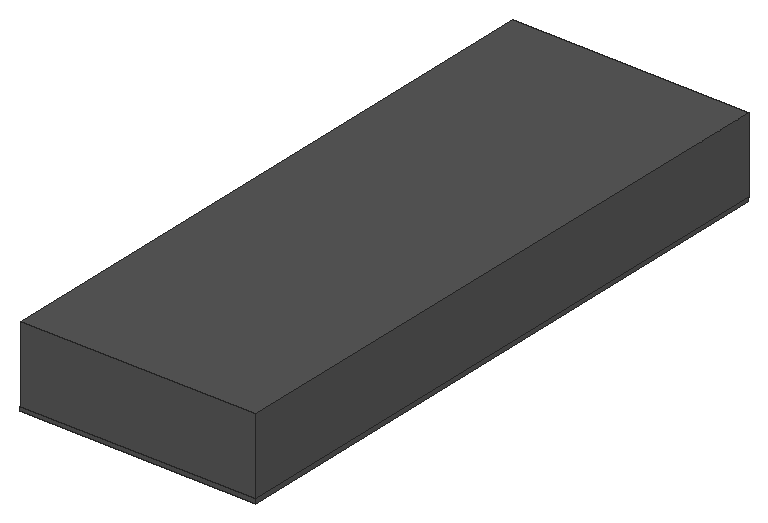
Revit family "ERA_LF_PR_SPP-503", category Осветительные приборы, Revit 2019 (continued)
Definition of nested family "LF_ИС_Пр_SPP-503"
  Types (5, lengths in mm): name | Корпус_Центр | Photometric Web File | built-in parameter 1150105 | Lumens | built-in parameter 1150106 | built-in parameter 1150142 | Wattage
    SPP-503-0-50K-030 | 0.00 | "SPP-503-0-50K-030.ies" | 543.85 (stored number, unit not read) | 3000 lm | 5.4385 (stored number, unit not read) | "IESNA:LM-63-1995\r\n[DATA] 28.01.2020\r\n[MANUFAC]??РА\r\n[LUMCAT]\r\n[LUMINAIRE]  SPP-503-0-50K-030\r\n[LAMP] Светодиодный модуль\r\nTILT=NONE\r\n1 3307 3.305 91 37 1 2 0.34 0.129 0.05\r\n1 1 31.02\r\n0 1 2 3 4 5 6 7 8 9 10 11 12 13 14 15 16 17 18 19 20 21 22 23 24 25 26 27 28 29 30 31 32 33 34 35 36 37 38 39 40 41 42 43 44 45 46 47 48 49 50 51 52 53 54 55 56 57 58 59 60 61 62 63 64 65 66 67 68 69 70 71 72 73 74 75 76 77 78 79 80 81 82 83 84 85 86 87 88 89 90 \r\n0 10 20 30 40 50 60 70 80 90 100 110 120 130 140 150 160 170 180 190 200 210 220 230 240 250 260 270 280 290 300 310 320 330 340 350 360 \r\n321.5 321.8 322.5 323.4 324.6 326.2 328 330.2 332.6 335.4 338.5 341.9 345.5 349.5 353.7 358.1 362.9 367.9 373.2 378.7 384.6 390.8 397.3 404.1 411 418.1 425.4 432.8 440.3 448 455.8 463.7 471.8 480.1 488.6 497.3 506 514.7 523.3 531.7 540 548 555.7 563 569.9 576.2 581.9 586.9 591.3 595 597.7 599.2 599.5 598.4 595.5 590.5 582.6 571.3 555.9 535.6 509.2 475.9 435.1 386.6 331.3 271.7 211 155.2 110.6 79.3 58.9 46.8 39.6 34.2 28.9 23.9 19.3 15.3 12 9.3 7.5 6.4 5.8 5 4.1 3.1 2.4 1.9 1.5 1.2 1\r\n321.5 321.8 322.4 323.2 324.4 325.8 327.5 329.5 331.9 334.5 337.6 341.1 344.9 349 353.2 357.6 362.4 367.5 372.9 378.5 384.5 390.8 397.5 404.4 411.4 418.7 426.3 433.9 441.7 449.4 457.1 464.8 472.6 480.4 488.2 496.1 504 511.7 519.1 526.1 532.6 538.5 543.7 548 551.3 553.6 554.8 554.7 553.2 550.2 545.3 538.4 529.3 518 504.4 488.5 470.1 449.3 425.9 399.7 370.3 337.5 301.6 263.2 223.1 182.4 142.6 106.3 76.3 53.7 38.3 29.1 24.1 20.6 17.6 14.9 12.8 11 9.6 8.4 7.4 6.6 5.9 5.2 4.4 3.6 2.8 2.1 1.5 1 0.6\r\n321.5 321.4 321.6 322 322.9 324.3 326.3 329 332.1 335.5 339 342.5 346.1 350.1 354.5 359.2 364 369.1 374.4 380 385.8 391.7 397.8 403.9 410.2 416.7 423.1 429.6 436 442.2 448.1 453.6 458.7 463.6 468.1 472.1 475.3 477.6 479.3 480.1 480.1 478.8 476.3 472.7 467.7 461.1 452.9 443.1 431.9 419.2 404.6 387.9 369.4 349.1 327.6 304.9 281.6 257.8 233.9 210 186.5 163.6 141.6 120.8 101.6 84.2 68.9 55.6 43.9 34 26.2 20.7 17 14.5 12.8 11.5 10.4 9.4 8.7 8.1 7.6 7.2 6.7 6.2 5.6 4.8 3.8 2.8 1.9 1.2 0.6\r\n321.5 321.5 322 322.9 324.2 325.8 327.7 330 332.7 335.6 338.6 341.4 345.2 351 358.4 365.5 371.1 375.5 380.1 385.2 390.4 395.4 400.3 405 409.7 414.1 418.2 422 425.3 428.3 430.6 432.1 432.8 432.8 431.8 429.8 426.8 422.7 417.5 411.2 403.6 394.8 384.6 373.1 360.3 346.1 330.5 313.7 295.8 277 257.2 236.8 216.1 195.5 175.6 156.5 138.4 121.5 105.8 91.6 78.9 67.8 58.4 50.4 43.7 38.1 33.3 29.3 25.8 22.7 19.9 17.4 15.2 13.6 12.4 11.6 10.9 10.3 9.7 9 8.2 7.2 6.2 5.3 4.4 3.5 2.6 1.8 1.2 0.7 0.6\r\n321.5 321.8 323.4 326.2 329.9 333.7 337 340.2 343.5 347.2 351 355 359.1 363.5 368.1 372.7 377.2 381.6 385.7 389.6 393.1 396.2 398.9 401 402.6 403.6 403.9 403.4 402.1 400 397 393.1 388.3 382.5 375.7 368.1 359.5 350 339.5 328.1 316 303.1 289.5 275.3 260.4 244.9 228.9 212.6 195.9 178.9 161.9 145.1 129 114 100.3 88.1 77.4 68 60 53.1 47.3 42.5 38.4 34.8 31.6 28.8 26.3 24.1 22.2 20.5 18.9 17.4 16 14.8 13.6 12.5 11.6 10.8 10.1 9.4 8.6 7.8 6.9 5.8 4.6 3.4 2.3 1.3 0.6 0.3 0.3\r\n321.5 323 324.9 327.1 330 334.3 340.3 346.8 352 355.8 359.1 362.9 367 370.9 374.6 378 381.2 383.9 386.1 387.7 388.7 389.4 389.5 388.9 387.7 385.9 383.6 380.5 376.5 371.4 365.2 358 349.9 341 331.4 321.2 310.4 299 286.9 274.4 261.3 247.7 233.6 218.9 203.8 188.4 172.8 157.2 141.8 127 112.8 99.6 87.7 77.3 68.4 60.8 54.3 48.8 44 39.9 36.3 33.1 30.4 28 26.1 24.4 23 21.8 20.7 19.7 18.8 18 17.3 16.6 15.8 15 14 12.8 11.6 10.4 9.1 7.8 6.6 5.2 3.9 2.6 1.7 1 0.6 0.3 0.2\r\n321.5 322.3 324.7 328.4 333.1 337.8 341.7 345.5 350.1 355.5 360.7 364.8 368.3 371.6 374.9 377.6 379.7 381 381.8 382.1 382 381.3 379.8 377.2 373.5 368.9 363.5 357.4 350.6 343.1 335 326.2 316.8 306.8 296.2 285.1 273.7 261.9 249.5 236.7 223.5 209.8 195.8 181.5 167 152.6 138.4 124.7 111.6 99.4 88.2 78 69 61.3 54.7 49.2 44.4 40.3 36.6 33.3 30.3 27.6 25.3 23.5 22.2 21 19.9 18.9 18.1 17.5 17 16.4 15.9 15.3 14.7 13.9 13.1 12.2 11.1 9.9 8.6 7.4 6.1 4.8 3.5 2.4 1.5 0.8 0.3 0 0\r\n321.5 323.6 326.6 330.7 335.4 340.2 344.4 348.2 352.1 356.1 360.2 364.3 368.3 371.7 374.4 376.3 377.3 377.4 377 375.9 374.2 371.6 368.1 363.8 358.6 352.6 345.9 338.5 330.6 322.1 313 303.5 293.5 283.2 272.6 261.6 250.2 238.4 226.2 213.5 200.5 187.1 173.4 159.4 145.4 131.7 118.3 105.7 94 83.4 74 65.8 58.5 52.1 46.5 41.6 37.4 33.8 30.5 27.5 24.9 22.7 20.9 19.4 18.1 17 16.1 15.3 14.6 14 13.7 13.8 14 14 13.7 12.8 11.3 9.4 7.7 6.4 5.3 4.4 3.5 2.8 2.2 1.7 1.1 0.5 0.2 0 0\r\n321.5 324.8 328.3 332.2 336.4 340.5 344.7 348.8 353 357.2 361.4 365.3 368.8 371.5 373.2 374.1 374.2 373.5 372 369.7 366.7 362.9 358.4 352.9 346.7 339.7 332.1 324 315.4 306.3 296.8 287 276.9 266.6 256 245 233.4 221.3 208.8 195.9 182.6 168.9 155.1 141.4 128 115.1 102.9 91.5 81.2 72 63.8 56.8 50.6 45.2 40.5 36.3 32.5 29.2 26.4 23.9 21.9 20.3 19.1 18.1 17.3 16.6 16 15.5 14.9 14.3 13.5 12.7 11.7 10.6 9.4 8.4 7.7 7.1 6.6 5.9 5.3 4.7 4.1 3.5 2.8 2 1.3 0.6 0.2 0 0\r\n321.5 324.2 327.2 330.5 334.5 339.8 346.7 354 360.1 364.5 368.2 371.7 374.9 377.2 378.3 378.6 378.2 377 375.1 372.2 368.5 363.9 358.5 352.3 345.4 338 330.1 321.7 312.7 303.3 293.6 283.7 273.7 263.2 252.4 241.1 229.4 217.2 204.5 191.3 177.7 164 150.1 136.5 123.2 110.4 98.2 87 76.9 68 60.3 53.5 47.7 42.5 38 33.9 30.3 27.2 24.7 22.7 21.1 19.8 18.7 17.8 17.1 16.5 15.8 15.1 14.4 13.6 12.7 11.6 10.4 9.5 8.9 8.5 8 7.7 7.3 6.9 6.4 5.7 4.8 3.9 2.9 1.9 1 0.4 0 0 0\r\n321.5 318.7 317.2 317 318 319.6 321.7 324.2 327.1 330.2 333.5 336.8 340 343.1 346.2 349 351.4 353.1 353.9 353.7 352.6 350.7 348 344.3 339.6 334.1 327.8 320.9 313.2 304.8 295.8 286.1 276.1 265.6 254.8 243.6 231.9 219.9 207.4 194.5 181.2 167.7 154.1 140.5 127 114.2 102.3 91.5 81.9 73.5 66.2 59.8 54.3 49.2 44.5 40.2 36.1 32.3 28.9 26 23.3 21.1 19.2 18 17.2 16.7 16.2 15.7 15.1 14.3 13.3 12.1 10.8 9.6 8.5 7.7 6.8 6.1 5.3 4.5 3.8 3 2.4 1.8 1.3 0.9 0.6 0.4 0.3 0.2 0.3\r\n321.5 320.2 319.7 320.1 321.2 322.9 325 327.7 330.6 333.8 337.2 340.7 344.2 347.7 351.1 354.3 357.2 359.5 361.1 361.9 361.9 361.1 359.5 357 353.4 348.9 343.5 337.2 330 322 313.2 303.9 294 283.6 272.7 261.4 249.6 237.4 224.8 211.8 198.3 184.5 170.6 156.5 142.6 129.2 116.5 104.8 94 84.4 76 68.7 62.4 56.7 51.6 46.7 42.2 38.1 34.4 31.1 28.2 25.6 23.3 21.5 20.2 19.3 18.7 18.1 17.5 16.8 16.1 15.4 14.8 14.1 13.3 12.3 11.2 10.1 9 7.9 6.9 5.8 4.7 3.6 2.7 1.9 1.2 0.7 0.4 0.2 0.3\r\n321.5 320.6 320.4 320.9 322.1 323.9 326.2 329 332.1 335.4 339 342.6 346.3 350.2 354.1 357.8 361.4 364.5 367.2 369.2 370.7 371.5 371.5 370.6 368.8 365.9 362.2 357.4 351.7 345 337.4 329 319.9 310 299.4 288.2 276.4 264 251.2 238.1 224.4 210.3 195.9 181.1 166.3 151.7 137.4 123.8 111 99.3 88.8 79.7 71.9 65.2 59.5 54.5 50.1 46 42.2 38.6 35.4 32.5 30 27.9 26.1 24.6 23.7 23 22.5 22 21.6 21.1 20.6 19.9 19.2 18.2 17.1 15.7 14.1 12.3 10.4 8.6 6.8 5.1 3.6 2.2 1.3 0.6 0.3 0.1 0.3\r\n321.5 320.9 320.8 321.3 322.3 323.8 325.9 328.5 331.5 334.8 338.4 342.2 346.2 350.4 354.8 359.2 363.5 367.8 372 375.8 379.4 382.4 384.8 386.5 387.3 387.4 386.7 385.1 382.3 378.4 373.3 367.3 360.1 351.8 342.3 331.9 320.6 308.5 295.6 281.9 267.6 252.8 237.5 221.8 205.8 189.5 173.1 156.8 141 126 112 99.4 88.1 78.3 69.9 62.6 56.2 50.6 45.6 41.2 37.2 33.6 30.3 27.5 25.1 23.1 21.4 19.9 18.7 17.7 16.8 16 15.2 14.4 13.6 12.7 11.7 10.7 9.7 8.6 7.4 6 4.7 3.6 2.6 1.9 1.2 0.7 0.4 0.2 0.3\r\n321.5 321.1 321.2 321.9 323.1 324.7 326.6 329 331.8 335 338.7 342.7 347 351.6 356.4 361.2 366.2 371.4 376.6 381.9 387.2 392.1 396.8 401 404.8 408 410.4 412.1 412.9 412.8 411.7 409.6 406.4 402 396.4 389.5 381.4 372.1 361.8 350.4 337.7 323.8 308.7 292.7 275.8 258.3 240.1 221.6 202.8 184.1 165.6 147.6 130.5 114.5 100.1 87.2 75.9 66.3 58.2 51.5 45.9 40.9 36.6 32.9 29.6 26.7 24.3 22.1 20.1 18.4 16.8 15.3 14.1 13 12.2 11.6 11 10.3 9.5 8.6 7.4 6.1 4.7 3.3 2.1 1.3 0.8 0.6 0.5 0.4 0.3\r\n321.5 321.8 322.5 323.7 325.2 327 329.1 331.6 334.4 337.7 341.3 345.3 349.6 354.2 359 364.1 369.4 374.9 380.6 386.5 392.5 398.6 404.7 410.9 416.9 422.8 428.4 433.6 438.4 442.6 446.1 449 451 452.2 452.3 451.4 449.3 446 441.5 435.7 428.5 419.8 409.7 398.1 385.1 370.7 354.6 337.1 318.2 298.1 276.8 254.5 231.7 208.7 186 163.9 142.7 122.9 104.8 88.6 74.6 62.6 52.5 44.1 37.2 31.4 26.6 22.6 19.2 16.5 14.5 13.1 12.2 11.5 10.8 10.2 9.6 9 8.3 7.3 6.2 5.2 4.2 3.1 2 1.2 0.7 0.6 0.5 0.5 0.3\r\n321.5 322.1 323.1 324.3 325.9 327.8 329.9 332.3 335.2 338.5 342.1 346 350.1 354.5 359.1 364 369.3 374.8 380.6 386.7 393.1 399.8 406.8 413.8 421 428.2 435.5 442.7 449.8 456.9 463.9 470.9 477.7 484.2 490.1 495.5 500.3 504.3 507.6 509.9 511.1 511 509.6 507.1 503.5 498.3 491.3 482.6 472.4 460.6 447.1 431.7 414.3 394.9 373.5 349.9 324.4 297 268 237.7 207 176.6 146.9 118.1 91.2 67.7 49.1 35.5 26.7 21.9 19 16.6 14.5 12.9 11.6 10.7 9.9 9.2 8.6 8 7.4 6.7 5.9 4.7 3.5 2.3 1.6 1.1 0.8 0.6 0.6\r\n321.5 322.1 323 324.2 325.7 327.4 329.3 331.6 334.1 336.9 340.1 343.6 347.4 351.5 355.8 360.3 364.9 369.8 375 380.5 386.4 392.4 398.6 405.2 412 419.1 426.4 433.7 441.2 448.8 456.5 464.4 472.4 480.6 488.9 497.2 505.3 513.3 521.1 528.7 536 543 549.5 555.4 560.6 565.2 569 571.9 573.9 574.7 574.1 571.9 568.1 562.5 554.8 544.5 531.1 514 492.7 466.5 435 397.7 354.4 304.7 250.4 195.2 143.2 99.2 68.2 50.1 39.9 33 27.9 23.8 20.4 17.6 15.5 13.9 12.6 11.4 10.3 9.2 8.1 6.9 5.7 4.5 3.4 2.4 1.7 1.3 1.1\r\n321.5 321.8 322.5 323.4 324.6 326.2 328 330.2 332.6 335.4 338.5 341.9 345.5 349.5 353.7 358.1 362.9 367.9 373.2 378.7 384.6 390.8 397.3 404.1 411 418.1 425.4 432.8 440.3 448 455.8 463.7 471.8 480.1 488.6 497.3 506 514.7 523.3 531.7 540 548 555.7 563 569.9 576.2 581.9 586.9 591.3 595 597.7 599.2 599.5 598.4 595.5 590.5 582.6 571.3 555.9 535.6 509.2 475.9 435.1 386.6 331.3 271.7 211 155.2 110.6 79.3 58.9 46.8 39.6 34.2 28.9 23.9 19.3 15.3 12 9.3 7.5 6.4 5.8 5 4.1 3.1 2.4 1.9 1.5 1.2 1\r\n321.5 322.1 323 324.2 325.7 327.4 329.3 331.6 334.1 336.9 340.1 343.6 347.4 351.5 355.8 360.3 364.9 369.8 375 380.5 386.4 392.4 398.6 405.2 412 419.1 426.4 433.7 441.2 448.8 456.5 464.4 472.4 480.6 488.9 497.2 505.3 513.3 521.1 528.7 536 543 549.5 555.4 560.6 565.2 569 571.9 573.9 574.7 574.1 571.9 568.1 562.5 554.8 544.5 531.1 514 492.7 466.5 435 397.7 354.4 304.7 250.4 195.2 143.2 99.2 68.2 50.1 39.9 33 27.9 23.8 20.4 17.6 15.5 13.9 12.6 11.4 10.3 9.2 8.1 6.9 5.7 4.5 3.4 2.4 1.7 1.3 1.1\r\n321.5 322.1 323.1 324.3 325.9 327.8 329.9 332.3 335.2 338.5 342.1 346 350.1 354.5 359.1 364 369.3 374.8 380.6 386.7 393.1 399.8 406.8 413.8 421 428.2 435.5 442.7 449.8 456.9 463.9 470.9 477.7 484.2 490.1 495.5 500.3 504.3 507.6 509.9 511.1 511 509.6 507.1 503.5 498.3 491.3 482.6 472.4 460.6 447.1 431.7 414.3 394.9 373.5 349.9 324.4 297 268 237.7 207 176.6 146.9 118.1 91.2 67.7 49.1 35.5 26.7 21.9 19 16.6 14.5 12.9 11.6 10.7 9.9 9.2 8.6 8 7.4 6.7 5.9 4.7 3.5 2.3 1.6 1.1 0.8 0.6 0.6\r\n321.5 321.8 322.5 323.7 325.2 327 329.1 331.6 334.4 337.7 341.3 345.3 349.6 354.2 359 364.1 369.4 374.9 380.6 386.5 392.5 398.6 404.7 410.9 416.9 422.8 428.4 433.6 438.4 442.6 446.1 449 451 452.2 452.3 451.4 449.3 446 441.5 435.7 428.5 419.8 409.7 398.1 385.1 370.7 354.6 337.1 318.2 298.1 276.8 254.5 231.7 208.7 186 163.9 142.7 122.9 104.8 88.6 74.6 62.6 52.5 44.1 37.2 31.4 26.6 22.6 19.2 16.5 14.5 13.1 12.2 11.5 10.8 10.2 9.6 9 8.3 7.3 6.2 5.2 4.2 3.1 2 1.2 0.7 0.6 0.5 0.5 0.3\r\n321.5 321.1 321.2 321.9 323.1 324.7 326.6 329 331.8 335 338.7 342.7 347 351.6 356.4 361.2 366.2 371.4 376.6 381.9 387.2 392.1 396.8 401 404.8 408 410.4 412.1 412.9 412.8 411.7 409.6 406.4 402 396.4 389.5 381.4 372.1 361.8 350.4 337.7 323.8 308.7 292.7 275.8 258.3 240.1 221.6 202.8 184.1 165.6 147.6 130.5 114.5 100.1 87.2 75.9 66.3 58.2 51.5 45.9 40.9 36.6 32.9 29.6 26.7 24.3 22.1 20.1 18.4 16.8 15.3 14.1 13 12.2 11.6 11 10.3 9.5 8.6 7.4 6.1 4.7 3.3 2.1 1.3 0.8 0.6 0.5 0.4 0.3\r\n321.5 320.9 320.8 321.3 322.3 323.8 325.9 328.5 331.5 334.8 338.4 342.2 346.2 350.4 354.8 359.2 363.5 367.8 372 375.8 379.4 382.4 384.8 386.5 387.3 387.4 386.7 385.1 382.3 378.4 373.3 367.3 360.1 351.8 342.3 331.9 320.6 308.5 295.6 281.9 267.6 252.8 237.5 221.8 205.8 189.5 173.1 156.8 141 126 112 99.4 88.1 78.3 69.9 62.6 56.2 50.6 45.6 41.2 37.2 33.6 30.3 27.5 25.1 23.1 21.4 19.9 18.7 17.7 16.8 16 15.2 14.4 13.6 12.7 11.7 10.7 9.7 8.6 7.4 6 4.7 3.6 2.6 1.9 1.2 0.7 0.4 0.2 0.3\r\n321.5 320.6 320.4 320.9 322.1 323.9 326.2 329 332.1 335.4 339 342.6 346.3 350.2 354.1 357.8 361.4 364.5 367.2 369.2 370.7 371.5 371.5 370.6 368.8 365.9 362.2 357.4 351.7 345 337.4 329 319.9 310 299.4 288.2 276.4 264 251.2 238.1 224.4 210.3 195.9 181.1 166.3 151.7 137.4 123.8 111 99.3 88.8 79.7 71.9 65.2 59.5 54.5 50.1 46 42.2 38.6 35.4 32.5 30 27.9 26.1 24.6 23.7 23 22.5 22 21.6 21.1 20.6 19.9 19.2 18.2 17.1 15.7 14.1 12.3 10.4 8.6 6.8 5.1 3.6 2.2 1.3 0.6 0.3 0.1 0.3\r\n321.5 320.2 319.7 320.1 321.2 322.9 325 327.7 330.6 333.8 337.2 340.7 344.2 347.7 351.1 354.3 357.2 359.5 361.1 361.9 361.9 361.1 359.5 357 353.4 348.9 343.5 337.2 330 322 313.2 303.9 294 283.6 272.7 261.4 249.6 237.4 224.8 211.8 198.3 184.5 170.6 156.5 142.6 129.2 116.5 104.8 94 84.4 76 68.7 62.4 56.7 51.6 46.7 42.2 38.1 34.4 31.1 28.2 25.6 23.3 21.5 20.2 19.3 18.7 18.1 17.5 16.8 16.1 15.4 14.8 14.1 13.3 12.3 11.2 10.1 9 7.9 6.9 5.8 4.7 3.6 2.7 1.9 1.2 0.7 0.4 0.2 0.3\r\n321.5 318.7 317.2 317 318 319.6 321.7 324.2 327.1 330.2 333.5 336.8 340 343.1 346.2 349 351.4 353.1 353.9 353.7 352.6 350.7 348 344.3 339.6 334.1 327.8 320.9 313.2 304.8 295.8 286.1 276.1 265.6 254.8 243.6 231.9 219.9 207.4 194.5 181.2 167.7 154.1 140.5 127 114.2 102.3 91.5 81.9 73.5 66.2 59.8 54.3 49.2 44.5 40.2 36.1 32.3 28.9 26 23.3 21.1 19.2 18 17.2 16.7 16.2 15.7 15.1 14.3 13.3 12.1 10.8 9.6 8.5 7.7 6.8 6.1 5.3 4.5 3.8 3 2.4 1.8 1.3 0.9 0.6 0.4 0.3 0.2 0.3\r\n321.5 320.2 319.8 320.1 321.2 323 325.3 327.9 330.8 333.9 337 340 342.9 346 349 351.5 353.2 354.1 354.2 353.4 351.7 349.1 345.6 341.3 336.1 330.1 323.5 316.2 308.1 299.5 290.3 280.6 270.6 260.3 249.5 238.3 226.7 214.6 202.2 189.4 176.2 162.7 149.1 135.5 122.3 109.7 98.1 87.5 78.2 70.1 63.1 56.9 51.4 46.4 41.8 37.5 33.7 30.2 27 24.2 21.9 20 18.6 17.6 16.9 16.4 15.9 15.1 14.1 12.7 11.3 10.2 9.3 8.6 8.2 7.7 7.2 6.6 5.8 4.9 4 3.2 2.4 1.8 1.3 0.9 0.6 0.4 0.2 0.2 0.3\r\n321.5 324.8 328.3 332.2 336.4 340.5 344.7 348.8 353 357.2 361.4 365.3 368.8 371.5 373.2 374.1 374.2 373.5 372 369.7 366.7 362.9 358.4 352.9 346.7 339.7 332.1 324 315.4 306.3 296.8 287 276.9 266.6 256 245 233.4 221.3 208.8 195.9 182.6 168.9 155.1 141.4 128 115.1 102.9 91.5 81.2 72 63.8 56.8 50.6 45.2 40.5 36.3 32.5 29.2 26.4 23.9 21.9 20.3 19.1 18.1 17.3 16.6 16 15.5 14.9 14.3 13.5 12.7 11.7 10.6 9.4 8.4 7.7 7.1 6.6 5.9 5.3 4.7 4.1 3.5 2.8 2 1.3 0.6 0.2 0 0\r\n321.5 323.6 326.6 330.7 335.4 340.2 344.4 348.2 352.1 356.1 360.2 364.3 368.3 371.7 374.4 376.3 377.3 377.4 377 375.9 374.2 371.6 368.1 363.8 358.6 352.6 345.9 338.5 330.6 322.1 313 303.5 293.5 283.2 272.6 261.6 250.2 238.4 226.2 213.5 200.5 187.1 173.4 159.4 145.4 131.7 118.3 105.7 94 83.4 74 65.8 58.5 52.1 46.5 41.6 37.4 33.8 30.5 27.5 24.9 22.7 20.9 19.4 18.1 17 16.1 15.3 14.6 14 13.7 13.8 14 14 13.7 12.8 11.3 9.4 7.7 6.4 5.3 4.4 3.5 2.8 2.2 1.7 1.1 0.5 0.2 0 0\r\n321.5 322.3 324.7 328.4 333.1 337.8 341.7 345.5 350.1 355.5 360.7 364.8 368.3 371.6 374.9 377.6 379.7 381 381.8 382.1 382 381.3 379.8 377.2 373.5 368.9 363.5 357.4 350.6 343.1 335 326.2 316.8 306.8 296.2 285.1 273.7 261.9 249.5 236.7 223.5 209.8 195.8 181.5 167 152.6 138.4 124.7 111.6 99.4 88.2 78 69 61.3 54.7 49.2 44.4 40.3 36.6 33.3 30.3 27.6 25.3 23.5 22.2 21 19.9 18.9 18.1 17.5 17 16.4 15.9 15.3 14.7 13.9 13.1 12.2 11.1 9.9 8.6 7.4 6.1 4.8 3.5 2.4 1.5 0.8 0.3 0 0\r\n321.5 323 324.9 327.1 330 334.3 340.3 346.8 352 355.8 359.1 362.9 367 370.9 374.6 378 381.2 383.9 386.1 387.7 388.7 389.4 389.5 388.9 387.7 385.9 383.6 380.5 376.5 371.4 365.2 358 349.9 341 331.4 321.2 310.4 299 286.9 274.4 261.3 247.7 233.6 218.9 203.8 188.4 172.8 157.2 141.8 127 112.8 99.6 87.7 
      77.3 68.4 60.8 54.3 48.8 44 39.9 36.3 33.1 30.4 28 26.1 24.4 23 21.8 20.7 19.7 18.8 18 17.3 16.6 15.8 15 14 12.8 11.6 10.4 9.1 7.8 6.6 5.2 3.9 2.6 1.7 1 0.6 0.3 0.2\r\n321.5 321.8 323.4 326.2 329.9 333.7 337 340.2 343.5 347.2 351 355 359.1 363.5 368.1 372.7 377.2 381.6 385.7 389.6 393.1 396.2 398.9 401 402.6 403.6 403.9 403.4 402.1 400 397 393.1 388.3 382.5 375.7 368.1 359.5 350 339.5 328.1 316 303.1 289.5 275.3 260.4 244.9 228.9 212.6 195.9 178.9 161.9 145.1 129 114 100.3 88.1 77.4 68 60 53.1 47.3 42.5 38.4 34.8 31.6 28.8 26.3 24.1 22.2 20.5 18.9 17.4 16 14.8 13.6 12.5 11.6 10.8 10.1 9.4 8.6 7.8 6.9 5.8 4.6 3.4 2.3 1.3 0.6 0.3 0.3\r\n321.5 321.5 322 322.9 324.2 325.8 327.7 330 332.7 335.6 338.6 341.4 345.2 351 358.4 365.5 371.1 375.5 380.1 385.2 390.4 395.4 400.3 405 409.7 414.1 418.2 422 425.3 428.3 430.6 432.1 432.8 432.8 431.8 429.8 426.8 422.7 417.5 411.2 403.6 394.8 384.6 373.1 360.3 346.1 330.5 313.7 295.8 277 257.2 236.8 216.1 195.5 175.6 156.5 138.4 121.5 105.8 91.6 78.9 67.8 58.4 50.4 43.7 38.1 33.3 29.3 25.8 22.7 19.9 17.4 15.2 13.6 12.4 11.6 10.9 10.3 9.7 9 8.2 7.2 6.2 5.3 4.4 3.5 2.6 1.8 1.2 0.7 0.6\r\n321.5 321.4 321.6 322 322.9 324.3 326.3 329 332.1 335.5 339 342.5 346.1 350.1 354.5 359.2 364 369.1 374.4 380 385.8 391.7 397.8 403.9 410.2 416.7 423.1 429.6 436 442.2 448.1 453.6 458.7 463.6 468.1 472.1 475.3 477.6 479.3 480.1 480.1 478.8 476.3 472.7 467.7 461.1 452.9 443.1 431.9 419.2 404.6 387.9 369.4 349.1 327.6 304.9 281.6 257.8 233.9 210 186.5 163.6 141.6 120.8 101.6 84.2 68.9 55.6 43.9 34 26.2 20.7 17 14.5 12.8 11.5 10.4 9.4 8.7 8.1 7.6 7.2 6.7 6.2 5.6 4.8 3.8 2.8 1.9 1.2 0.6\r\n321.5 321.8 322.4 323.2 324.4 325.8 327.5 329.5 331.9 334.5 337.6 341.1 344.9 349 353.2 357.6 362.4 367.5 372.9 378.5 384.5 390.8 397.5 404.4 411.4 418.7 426.3 433.9 441.7 449.4 457.1 464.8 472.6 480.4 488.2 496.1 504 511.7 519.1 526.1 532.6 538.5 543.7 548 551.3 553.6 554.8 554.7 553.2 550.2 545.3 538.4 529.3 518 504.4 488.5 470.1 449.3 425.9 399.7 370.3 337.5 301.6 263.2 223.1 182.4 142.6 106.3 76.3 53.7 38.3 29.1 24.1 20.6 17.6 14.9 12.8 11 9.6 8.4 7.4 6.6 5.9 5.2 4.4 3.6 2.8 2.1 1.5 1 0.6\r\n321.5 321.8 322.5 323.4 324.6 326.2 328 330.2 332.6 335.4 338.5 341.9 345.5 349.5 353.7 358.1 362.9 367.9 373.2 378.7 384.6 390.8 397.3 404.1 411 418.1 425.4 432.8 440.3 448 455.8 463.7 471.8 480.1 488.6 497.3 506 514.7 523.3 531.7 540 548 555.7 563 569.9 576.2 581.9 586.9 591.3 595 597.7 599.2 599.5 598.4 595.5 590.5 582.6 571.3 555.9 535.6 509.2 475.9 435.1 386.6 331.3 271.7 211 155.2 110.6 79.3 58.9 46.8 39.6 34.2 28.9 23.9 19.3 15.3 12 9.3 7.5 6.4 5.8 5 4.1 3.1 2.4 1.9 1.5 1.2 1\r\n" | 20.1963 W
  Reference planes
    plane 1 "По центру (Вперед/Назад)": y = 0
    plane 2: z = 0
    plane 3 "По центру (Влево/Вправо)": x = 0
    plane 4 "Ц": y = 0
  Lines and regions (mm)
    model lines
      curve 1: line (0, -5, 0) -> (0, 5, 0)
      curve 2: line (-5, 0, 0) -> (5, 0, 0)
  Dimensions and locks
    "Корпус_Центр": plane 1 "По центру (Вперед/Назад)" to plane 4 "Ц"
    aligned and locked: level to plane 2
    aligned and locked: imposter light to plane 3 "По центру (Влево/Вправо)"
    aligned and locked: plane 4 "Ц" to imposter light
  Automatic sketch dimensions
    plane 1 "По центру (Вперед/Назад)" to curve 2 = 0.00 mm
    curve 1 to plane 3 "По центру (Влево/Вправо)" = 0.00 mm
    curve 2 to plane 3 "По центру (Влево/Вправо)" = 5.00 mm
    plane 3 "По центру (Влево/Вправо)" to curve 2 = 5.00 mm
    plane 1 "По центру (Вперед/Назад)" to curve 1 = 5.00 mm
    curve 1 to plane 1 "По центру (Вперед/Назад)" = 5.00 mm
Types (5, lengths in mm): name | _Корпус_Центр | ИС | _УГО_Ширина | _УГО_Длина | _УГО_Диаметр | _Корпус_Ширина | _Корпус_Длина | _Корпус_Высота | URL | ADSK_Размер_Ширина | ADSK_Размер_Длина | ADSK_Полная мощность | ADSK_Номинальная мощность | ADSK_Масса | ADSK_Марка | ADSK_Размер_Высота | ADSK_Обозначение | ADSK_Наименование
  SPP-503-0-50K-120, LED, IP65, 570х170х52 мм (ДхШхВ), 120 Вт, 5000 К, 10800 лм, класс защиты I, в комплекте (линейный стабилизатор) | 285.00 | LF_ИС_Пр_SPP-503 : SPP-503-0-50K-120 | 1.70 | 5.70 | 5.70 | 170.00 | 570.00 | 52.00 | "https://www.eraworld.ru/catalog/2652516" | 170.00 | 570.00 | 133.333 VA | 120 W | 1.76 | "SPP-503-0-50K-120" | 52.00 | "SPP-503-0-50K-120" | "Светильник, LED, прямоугольный, уличный, IP65, 570х170х52 мм (ДхШхВ), 120 Вт, 5000 К, 10800 лм, класс защиты I, в комплекте (линейный стабилизатор)"
  SPP-503-0-50K-100, LED, IP65, 450х160х50 мм (ДхШхВ), 100 Вт, 5000 К, 9500 лм, класс защиты I, в комплекте (линейный стабилизатор) | 225.00 | LF_ИС_Пр_SPP-503 : SPP-503-0-50K-100 | 1.60 | 4.50 | 4.50 | 160.00 | 450.00 | 50.00 | "https://www.eraworld.ru/catalog/2649072" | 160.00 | 450.00 | 111.111 VA | 100 W | 1.22 | "SPP-503-0-50K-100" | 50.00 | "SPP-503-0-50K-100" | "Светильник, LED, прямоугольный, уличный, IP65, 450х160х50 мм (ДхШхВ), 100 Вт, 5000 К, 9500 лм, класс защиты I, в комплекте (линейный стабилизатор)"
  SPP-503-0-50K-080, LED, IP65, 450х160х50 мм (ДхШхВ), 80 Вт, 5000 К, 8000 лм, класс защиты I, в комплекте (линейный стабилизатор) | 225.00 | LF_ИС_Пр_SPP-503 : SPP-503-0-50K-080 | 1.60 | 4.50 | 4.50 | 160.00 | 450.00 | 50.00 | "https://www.eraworld.ru/catalog/2649071" | 160.00 | 450.00 | 88.8889 VA | 80 W | 1.11 | "SPP-503-0-50K-080" | 50.00 | "SPP-503-0-50K-080" | "Светильник, LED, прямоугольный, уличный, IP65, 450х160х50 мм (ДхШхВ), 80 Вт, 5000 К, 8000 лм, класс защиты I, в комплекте (линейный стабилизатор)"
  SPP-503-0-50K-050, LED, IP65, 390х155х45 мм (ДхШхВ), 50 Вт, 5000 К, 5000 лм, класс защиты I, в комплекте (линейный стабилизатор) | 195.00 | LF_ИС_Пр_SPP-503 : SPP-503-0-50K-050 | 1.55 | 3.90 | 3.90 | 155.00 | 390.00 | 45.00 | "https://www.eraworld.ru/catalog/2649070" | 155.00 | 390.00 | 55.5556 VA | 50 W | 0.8 | "SPP-503-0-50K-050" | 45.00 | "SPP-503-0-50K-050" | "Светильник, LED, прямоугольный, уличный, IP65, 390х155х45 мм (ДхШхВ), 50 Вт, 5000 К, 5000 лм, класс защиты I, в комплекте (линейный стабилизатор)"
  SPP-503-0-50K-030, LED, IP65, 340х130х42 мм (ДхШхВ), 30 Вт, 5000 К, 3000 лм, класс защиты I, в комплекте (линейный стабилизатор) | 170.00 | LF_ИС_Пр_SPP-503 : SPP-503-0-50K-030 | 1.30 | 3.40 | 3.40 | 130.00 | 340.00 | 42.00 | "https://www.eraworld.ru/catalog/2649069" | 130.00 | 340.00 | 33.3333 VA | 30 W | 0.64 | "SPP-503-0-50K-030" | 42.00 | "SPP-503-0-50K-030" | "Светильник, LED, прямоугольный, уличный, IP65, 340х130х42 мм (ДхШхВ), 30 Вт, 5000 К, 3000 лм, класс защиты I, в комплекте (линейный стабилизатор)"
